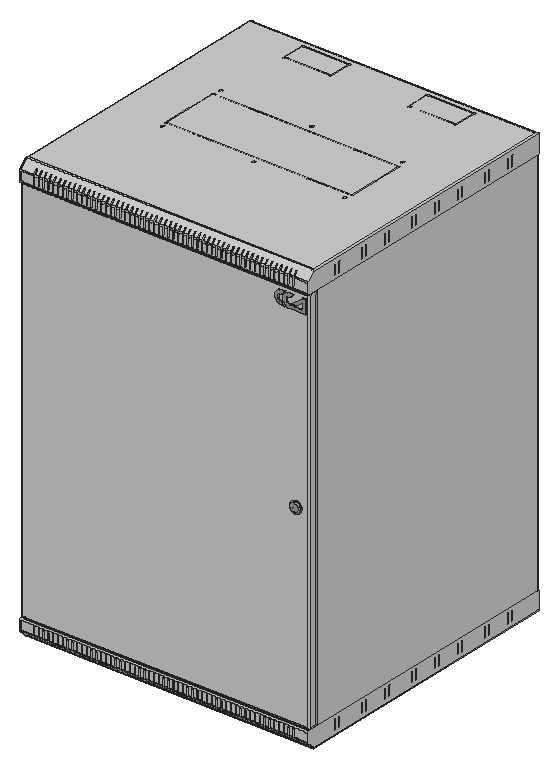
Revit family "Шкаф телекоммуникационный настенный сварной 19” 600х600", category Обобщенные модели, Revit 2019
Family settings
  Может служить основой для арматурных стержней = Нет
  Размер круглого соединителя = Использовать диаметр
  Тип детали = Нормальный
  На основе рабочей плоскости = Нет
  Всегда вертикально = Да
  При загрузке вырезать с полостями = Нет
  Общий = Нет
  Точка расчета площади = Нет
Parameters (values of type "ШТ-НСс 18U (600х600мм) металлическая дверь")
  Дверь = Дверь_М : Дверь_М
  Высота_двери = ADSK_Размер_Высота - 80 mm  # 813 mm
  ADSK_Этаж [instance] = ""
  ADSK_Размер_Ширина = 600 mm  # constant formula
  ADSK_Размер_Глубина = 600 mm  # constant formula
  ADSK_Размер_Высота = 893 mm
  ADSK_Примечание [instance] = ""
  ADSK_Предел огнестойкости = ""
  ADSK_Позиция [instance] = ""
  ADSK_Обозначение = "ШТ-НСс 18U (600х600мм) металлическая дверь"
  ADSK_Наименование = "Шкаф телекоммуникационный настенный сварной 19”,18U(600x600), ШТ-НСс-18U-600-600-М дверь металл ССД"
  ADSK_Материал обозначение = "Серый RAL 7035"  # constant formula
  ADSK_Масса_Текст = "31,1"
  ADSK_Марка [instance] = "ШТ-НСс 18U (600х600мм) металлическая дверь"
  ADSK_Код изделия = "130411-00766"
  ADSK_Зона = ""
  ADSK_Завод-изготовитель = "АО СВЯЗЬСТРОЙДЕТАЛЬ"  # constant formula
  ADSK_Единица измерения = "шт"  # constant formula
  ADSK_URL страницы изделия = "https://www.ssd.ru/shkaf-telekommunikatsionnyy-nastennyy-svarnoy-19-18u-600x600-sht-nss-18u-600-600-m-dver-metall"
  ADSK_URL документации изделия = "https://www.ssd.ru/upload/iblock/702/fbps99x9t5k7rvodinq4s9cgysybksc9/sert_sht_np.pdf"
Reference planes
  plane 1 "По центру (Вперед/Назад)": y = 0
  plane 2: z = 0
  plane 3 "По центру (Влево/Вправо)": x = 0
  plane 4: y = 300
  plane 5: y = -300
  plane 6: x = -300
  plane 7: x = 300
  plane 8: z = 446.5
  plane 9: z = -446.5
  plane 10: z = 406.5
  plane 11: z = -406.5
Forms (mm)
  Extrusion 1, solid, material "RAL 7035", detail levels medium+fine
    sketch origin (0, 174.994, 41.996) x (0, 1, 0) y (-1, 0, 0)
      loop
        arc (121.991, 299) -> (123.41, 298.412) -> (123.998, 296.993) r 2.007
        line (123.998, 296.993) -> (123.998, 251.293)
        arc (123.998, 251.293) -> (124.499, 250.792) -> (125, 251.293) r 0.501
        line (125, 251.293) -> (125, 296.993)
        arc (125, 296.993) -> (124.119, 299.119) -> (121.993, 300) r 3.007
        line (121.993, 300) -> (-450.506, 300)
        arc (-450.506, 300) -> (-451, 299.506) -> (-450.506, 299.013) r 0.494
        line (-450.506, 299.013) -> (121.94, 299.013)
      loop
        arc (121.993, -300) -> (124.119, -299.119) -> (125, -296.993) r 3.007
        line (125, -296.993) -> (125, -251.293)
        arc (125, -251.293) -> (124.499, -250.792) -> (123.998, -251.293) r 0.501
        line (123.998, -251.293) -> (123.998, -296.993)
        arc (123.998, -296.993) -> (123.41, -298.412) -> (121.991, -299) r 2.007
        line (121.991, -299) -> (-450.5, -299)
        arc (-450.5, -299) -> (-451, -299.5) -> (-450.5, -300) r 0.5
        line (-450.5, -300) -> (121.993, -300)
    from -448.496 to 364.504
  Extrusion 2, void, detail levels fine
    sketch origin (3.917, 0, 285.311) x (1, 0, 0) y (0, 0, 1)
      loop
        line (273.229, 77.108) -> (273.229, 81.669)
        arc (273.229, 81.669) -> (268.229, 86.669) -> (263.229, 81.669) r 5
        line (263.229, 81.669) -> (263.229, 77.09)
        arc (263.229, 77.09) -> (260.241, 70.854) -> (263.229, 64.618) r 8
        line (263.229, 64.618) -> (263.229, 60.039)
        arc (263.229, 60.039) -> (268.229, 55.039) -> (273.229, 60.039) r 5
        line (273.229, 60.039) -> (273.229, 64.6)
        arc (273.229, 64.6) -> (276.241, 70.854) -> (273.229, 77.108) r 8
    from -299 to -300
  Extrusion 3, void, detail levels fine
    sketch origin (-3.917, 0, 285.311) x (-1, 0, 0) y (0, 0, -1)
      loop
        arc (273.229, -77.108) -> (276.241, -70.854) -> (273.229, -64.6) r 8
        line (273.229, -64.6) -> (273.229, -60.039)
        arc (273.229, -60.039) -> (268.229, -55.039) -> (263.229, -60.039) r 5
        line (263.229, -60.039) -> (263.229, -64.618)
        arc (263.229, -64.618) -> (260.241, -70.854) -> (263.229, -77.09) r 8
        line (263.229, -77.09) -> (263.229, -81.669)
        arc (263.229, -81.669) -> (268.229, -86.669) -> (273.229, -81.669) r 5
        line (273.229, -81.669) -> (273.229, -77.108)
    from -299 to -300
  Extrusion 4, void, detail levels fine
    sketch origin (3.917, 0, -285.311) x (1, 0, 0) y (0, 0, 1)
      loop
        arc (273.229, -77.108) -> (276.241, -70.854) -> (273.229, -64.6) r 8
        line (273.229, -64.6) -> (273.229, -60.039)
        arc (273.229, -60.039) -> (268.229, -55.039) -> (263.229, -60.039) r 5
        line (263.229, -60.039) -> (263.229, -64.618)
        arc (263.229, -64.618) -> (260.241, -70.854) -> (263.229, -77.09) r 8
        line (263.229, -77.09) -> (263.229, -81.669)
        arc (263.229, -81.669) -> (268.229, -86.669) -> (273.229, -81.669) r 5
        line (273.229, -81.669) -> (273.229, -77.108)
    from -299 to -300
  Extrusion 5, void, detail levels fine
    sketch origin (-3.917, 0, -285.311) x (-1, 0, 0) y (0, 0, -1)
      loop
        line (273.229, 77.108) -> (273.229, 81.669)
        arc (273.229, 81.669) -> (268.229, 86.669) -> (263.229, 81.669) r 5
        line (263.229, 81.669) -> (263.229, 77.09)
        arc (263.229, 77.09) -> (260.241, 70.854) -> (263.229, 64.618) r 8
        line (263.229, 64.618) -> (263.229, 60.039)
        arc (263.229, 60.039) -> (268.229, 55.039) -> (273.229, 60.039) r 5
        line (273.229, 60.039) -> (273.229, 64.6)
        arc (273.229, 64.6) -> (276.241, 70.854) -> (273.229, 77.108) r 8
    from -299 to -300
  Extrusion 6, void, not visible, detail levels fine
    sketch origin (3.917, 25, 13.811) x (1, 0, 0) y (0, 0, 1)
      loop
        line (273.229, 77.108) -> (273.229, 81.669)
        arc (273.229, 81.669) -> (268.229, 86.669) -> (263.229, 81.669) r 5
        line (263.229, 81.669) -> (263.229, 77.09)
        arc (263.229, 77.09) -> (260.241, 70.854) -> (263.229, 64.618) r 8
        line (263.229, 64.618) -> (263.229, 60.039)
        arc (263.229, 60.039) -> (268.229, 55.039) -> (273.229, 60.039) r 5
        line (273.229, 60.039) -> (273.229, 64.6)
        arc (273.229, 64.6) -> (276.241, 70.854) -> (273.229, 77.108) r 8
    from -299 to -300
  Extrusion 7, void, not visible, detail levels fine
    sketch origin (-3.917, 25, 13.811) x (-1, 0, 0) y (0, 0, -1)
      loop
        arc (273.229, -77.108) -> (276.241, -70.854) -> (273.229, -64.6) r 8
        line (273.229, -64.6) -> (273.229, -60.039)
        arc (273.229, -60.039) -> (268.229, -55.039) -> (263.229, -60.039) r 5
        line (263.229, -60.039) -> (263.229, -64.618)
        arc (263.229, -64.618) -> (260.241, -70.854) -> (263.229, -77.09) r 8
        line (263.229, -77.09) -> (263.229, -81.669)
        arc (263.229, -81.669) -> (268.229, -86.669) -> (273.229, -81.669) r 5
        line (273.229, -81.669) -> (273.229, -77.108)
    from -299 to -300
  Extrusion 8, void, not visible, detail levels fine
    sketch origin (3.917, 0, -13.811) x (1, 0, 0) y (0, 0, 1)
      loop
        arc (273.229, -77.108) -> (276.241, -70.854) -> (273.229, -64.6) r 8
        line (273.229, -64.6) -> (273.229, -60.039)
        arc (273.229, -60.039) -> (268.229, -55.039) -> (263.229, -60.039) r 5
        line (263.229, -60.039) -> (263.229, -64.618)
        arc (263.229, -64.618) -> (260.241, -70.854) -> (263.229, -77.09) r 8
        line (263.229, -77.09) -> (263.229, -81.669)
        arc (263.229, -81.669) -> (268.229, -86.669) -> (273.229, -81.669) r 5
        line (273.229, -81.669) -> (273.229, -77.108)
    from -299 to -300
  Extrusion 9, void, not visible, detail levels fine
    sketch origin (-3.917, 0, -13.811) x (-1, 0, 0) y (0, 0, -1)
      loop
        line (273.229, 77.108) -> (273.229, 81.669)
        arc (273.229, 81.669) -> (268.229, 86.669) -> (263.229, 81.669) r 5
        line (263.229, 81.669) -> (263.229, 77.09)
        arc (263.229, 77.09) -> (260.241, 70.854) -> (263.229, 64.618) r 8
        line (263.229, 64.618) -> (263.229, 60.039)
        arc (263.229, 60.039) -> (268.229, 55.039) -> (273.229, 60.039) r 5
        line (273.229, 60.039) -> (273.229, 64.6)
        arc (273.229, 64.6) -> (276.241, 70.854) -> (273.229, 77.108) r 8
    from -299 to -300
  Extrusion 10, solid, material "RAL 7035", detail levels coarse
    sketch origin (0, 0, 0) x (1, 0, 0) y (0, 0, 1)
      loop
        line (-300, -446.5) -> (300, -446.5) -> (300, 446.5) -> (-300, 446.5) -> (-300, -446.5)
    from -300 to 300
Cuts and joins
  Extrusion 2, Extrusion 3, Extrusion 4, Extrusion 5 cuts Extrusion 1
Lines and regions (mm)
  reference lines
    curve 1: line (280.158, 0, 356.165) -> (264.158, 0, 356.165)
    curve 3: line (280.158, 0, -356.165) -> (264.158, 0, -356.165)
    curve 5: line (280.158, 0, 0) -> (264.158, 0, 0)
  reference lines, not visible
    curve 2: line (280.158, 25, 84.665) -> (264.158, 25, 84.665)
    curve 4: line (280.158, 0, -84.665) -> (264.158, 0, -84.665)
Dimensions and locks
  "ADSK_Размер_Высота": plane 8 to plane 9
  equal spacing: plane 8, level, plane 9
  equal spacing: plane 7, plane 3 "По центру (Влево/Вправо)", plane 6
  "ADSK_Размер_Ширина": plane 7 to plane 6
  equal spacing: plane 4, plane 1 "По центру (Вперед/Назад)", plane 5
  "ADSK_Размер_Глубина": plane 4 to plane 5
  level to Extrusion 1 = 406.5 mm
  locked: plane 10 to plane 8 at 40
  locked: plane 9 to plane 11 at 40
  locked: curve 1 to plane 10 at 50.335
  locked: plane 11 to curve 3 at 50.335
  locked: nested 4 to plane 8 at 79.54
  aligned and locked: level to plane 2
  aligned and locked: Extrusion 1 to plane 6
  aligned and locked: plane 7 to Extrusion 1
  aligned and locked: plane 10 to Extrusion 1
  aligned and locked: Extrusion 1 to plane 11
  aligned and locked: Extrusion 10 to plane 6
  aligned and locked: Extrusion 10 to plane 7
  aligned and locked: Extrusion 10 to plane 9
  aligned and locked: plane 8 to Extrusion 10
  aligned and locked: Extrusion 10 to plane 4
  aligned and locked: Extrusion 10 to plane 5
Automatic sketch dimensions
  Extrusion 2 sketch curve to Extrusion 2 sketch curve = 0 mm  (x5)
  Extrusion 2 sketch curve to Extrusion 2 sketch curve = 5 mm  (x2)
  Extrusion 2 sketch curve to Extrusion 2 sketch curve = 4.988 mm
  Extrusion 2 sketch curve to Extrusion 2 sketch curve = 4.56 mm  (x2)
  Extrusion 2 sketch curve to Extrusion 2 sketch curve = 4.579 mm
  Extrusion 2 sketch curve to Extrusion 2 sketch curve = 6.254 mm
  Extrusion 3 sketch curve to Extrusion 3 sketch curve = 0 mm  (x5)
  Extrusion 3 sketch curve to Extrusion 3 sketch curve = 5 mm  (x2)
  Extrusion 3 sketch curve to Extrusion 3 sketch curve = 4.988 mm
  Extrusion 3 sketch curve to Extrusion 3 sketch curve = 4.56 mm  (x2)
  Extrusion 3 sketch curve to Extrusion 3 sketch curve = 4.579 mm
  Extrusion 3 sketch curve to Extrusion 3 sketch curve = 6.254 mm
  Extrusion 4 sketch curve to Extrusion 4 sketch curve = 0 mm  (x5)
  Extrusion 4 sketch curve to Extrusion 4 sketch curve = 5 mm  (x2)
  Extrusion 4 sketch curve to Extrusion 4 sketch curve = 4.988 mm
  Extrusion 4 sketch curve to Extrusion 4 sketch curve = 4.56 mm  (x2)
  Extrusion 4 sketch curve to Extrusion 4 sketch curve = 4.579 mm
  Extrusion 4 sketch curve to Extrusion 4 sketch curve = 6.254 mm
  Extrusion 5 sketch curve to Extrusion 5 sketch curve = 0 mm  (x5)
  Extrusion 5 sketch curve to Extrusion 5 sketch curve = 5 mm  (x2)
  Extrusion 5 sketch curve to Extrusion 5 sketch curve = 4.988 mm
  Extrusion 5 sketch curve to Extrusion 5 sketch curve = 4.56 mm  (x2)
  Extrusion 5 sketch curve to Extrusion 5 sketch curve = 4.579 mm
  Extrusion 5 sketch curve to Extrusion 5 sketch curve = 6.254 mm
  Extrusion 6 sketch curve to Extrusion 6 sketch curve = 0 mm  (x5)
  Extrusion 6 sketch curve to Extrusion 6 sketch curve = 5 mm  (x2)
  Extrusion 6 sketch curve to Extrusion 6 sketch curve = 4.988 mm
  Extrusion 6 sketch curve to Extrusion 6 sketch curve = 4.56 mm  (x2)
  Extrusion 6 sketch curve to Extrusion 6 sketch curve = 4.579 mm
  Extrusion 6 sketch curve to Extrusion 6 sketch curve = 6.254 mm
  Extrusion 7 sketch curve to Extrusion 7 sketch curve = 0 mm  (x5)
  Extrusion 7 sketch curve to Extrusion 7 sketch curve = 5 mm  (x2)
  Extrusion 7 sketch curve to Extrusion 7 sketch curve = 4.988 mm
  Extrusion 7 sketch curve to Extrusion 7 sketch curve = 4.56 mm  (x2)
  Extrusion 7 sketch curve to Extrusion 7 sketch curve = 4.579 mm
  Extrusion 7 sketch curve to Extrusion 7 sketch curve = 6.254 mm
  Extrusion 8 sketch curve to Extrusion 8 sketch curve = 0 mm  (x5)
  Extrusion 8 sketch curve to Extrusion 8 sketch curve = 5 mm  (x2)
  Extrusion 8 sketch curve to Extrusion 8 sketch curve = 4.988 mm
  Extrusion 8 sketch curve to Extrusion 8 sketch curve = 4.56 mm  (x2)
  Extrusion 8 sketch curve to Extrusion 8 sketch curve = 4.579 mm
  Extrusion 8 sketch curve to Extrusion 8 sketch curve = 6.254 mm
  Extrusion 9 sketch curve to Extrusion 9 sketch curve = 0 mm  (x5)
  Extrusion 9 sketch curve to Extrusion 9 sketch curve = 5 mm  (x2)
  Extrusion 9 sketch curve to Extrusion 9 sketch curve = 4.988 mm
  Extrusion 9 sketch curve to Extrusion 9 sketch curve = 4.56 mm  (x2)
  Extrusion 9 sketch curve to Extrusion 9 sketch curve = 4.579 mm
  Extrusion 9 sketch curve to Extrusion 9 sketch curve = 6.254 mm
  curve 5 to level = 0 mm
  curve 5 to plane 7 = 35.842 mm
  curve 5 to curve 5 = 16 mm
  Extrusion 1 sketch curve to plane 6 = 0 mm
  Extrusion 1 sketch curve to plane 7 = 0 mm
  Extrusion 1 sketch curve to plane 5 = 24.488 mm
  Extrusion 1 sketch curve to plane 7 = 1 mm
  Extrusion 1 sketch curve to plane 5 = 24.494 mm
  plane 4 to Extrusion 1 sketch curve = 3.014 mm  (x2)
  Extrusion 1 sketch curve to Extrusion 1 sketch curve = 0.002 mm  (x2)
  plane 4 to Extrusion 1 sketch curve = 1.008 mm  (x2)
  Extrusion 1 sketch curve to Extrusion 1 sketch curve = 0.501 mm  (x2)
  Extrusion 1 sketch curve to Extrusion 1 sketch curve = 45.7 mm  (x2)
  Extrusion 1 sketch curve to Extrusion 1 sketch curve = 0 mm
  Extrusion 1 sketch curve to Extrusion 1 sketch curve = 0.987 mm
  Extrusion 1 sketch curve to Extrusion 1 sketch curve = 0.052 mm
  Extrusion 10 sketch curve to plane 6 = 0 mm
  Extrusion 10 sketch curve to plane 7 = 0 mm
  Extrusion 10 sketch curve to plane 9 = 0 mm
  Extrusion 10 sketch curve to plane 8 = 0 mm
Nested families
  nested 1: "Крышка 600" at (0, 299.994, 196.5) x (-1, 0, 0) z (0, -1, 0), type "Крышка 600", detail levels medium+fine
  nested 2: "Крышка 600" at (0, 299.994, -196.5) x (-1, 0, 0) z (0, -1, 0), type "Крышка 600", detail levels medium+fine
  nested 3: "Дверь_М" at (0, -276.141, 0), ADSK_Размер_Высота <- "Высота_двери", type <- "Дверь", type "Дверь_М", detail levels medium+fine
    with ADSK_Размер_Высота 813 mm
  nested 4: "Логотип" at (-20, -296.377, -163.835) x (1, 0, 0) z (0, -1, 0), type "Логотип"
Definition of nested family "Крышка 600"
  Parameters (values of type "Крышка 600")
    Default Elevation = 0 mm
    ADSK_Размер_Ширина = 600 mm
    ADSK_Размер_Глубина = 600 mm
    ADSK_Материал = none
  Reference planes
    plane 1 "По центру (Вперед/Назад)": y = 0
    plane 2: z = 0
    plane 3 "По центру (Влево/Вправо)": x = 0
    plane 4: x = 300
    plane 5: x = -300
    plane 6: y = 250
    plane 7: y = -250
    plane 8: z = 600
  Forms (mm)
    Extrusion 1, solid
      sketch origin (0, 0, 0) x (1, 0, 0) y (0, 1, 0)
        loop
          line (-1219.2, 1219.2) -> (-1219.2, -1219.2) -> (1219.2, -1219.2) -> (1219.2, 1219.2) -> (-1219.2, 1219.2)
      from 0 to -304.8
    Extrusion 2, solid, material <- "ADSK_Материал", detail levels medium+fine
      sketch origin (0, 310.254, -563.001) x (0, 1, 0) y (0, 0, 1)
        loop
          arc (-60.254, 1144.781) -> (-60.483, 1145.929) -> (-61.133, 1146.903) r 3
          line (-61.133, 1146.903) -> (-76.353, 1162.122)
          arc (-76.353, 1162.122) -> (-77.326, 1162.773) -> (-78.474, 1163.001) r 3
          line (-78.474, 1163.001) -> (-97.254, 1163.001)
          arc (-97.254, 1163.001) -> (-99.376, 1162.122) -> (-100.254, 1160.001) r 3
          line (-100.254, 1160.001) -> (-100.254, 566.001)
          arc (-100.254, 566.001) -> (-99.376, 563.88) -> (-97.254, 563.001) r 3
          line (-97.254, 563.001) -> (-63.254, 563.001)
          arc (-63.254, 563.001) -> (-61.133, 563.88) -> (-60.254, 566.001) r 3
          line (-60.254, 566.001) -> (-60.254, 1144.781)
      from -300 to 300
    Extrusion 3, void, detail levels medium+fine
      sketch origin (0, 0, 0) x (1, 0, 0) y (0, 1, 0)
        loop
          arc (-300, 246.971) -> (-299.113, 249.113) -> (-296.971, 250) r 3.029
          line (-296.971, 250) -> (-300, 250) -> (-300, 246.971)
      from 0 to 600 <- "ADSK_Размер_Глубина"
    Extrusion 4, void, detail levels medium+fine
      sketch origin (0, 0, 0) x (-1, 0, 0) y (0, -1, 0)
        loop
          line (-300, -246.971) -> (-300, -250) -> (-296.971, -250)
          arc (-296.971, -250) -> (-299.113, -249.113) -> (-300, -246.971) r 3.029
      from 0 to 600 <- "ADSK_Размер_Глубина"
    Extrusion 5, void, detail levels fine
      sketch origin (0, 0, -294.506) x (0, 1, 0) y (0, 0, 1)
        loop
          line (238.196, 326.499) -> (216.196, 326.499)
          arc (216.196, 326.499) -> (214.449, 324.752) -> (216.196, 323.006) r 1.747
          line (216.196, 323.006) -> (238.196, 323.006)
          arc (238.196, 323.006) -> (239.942, 324.752) -> (238.196, 326.499) r 1.747
      from 299 to 300
    Extrusion 6, void, detail levels fine
      sketch origin (0, 0, 0) x (1, 0, 0) y (0, 0, 1)
        loop
          line (-101, 230) -> (-101, 232) -> (-193, 232) -> (-193, 290) -> (-195, 290) -> (-195, 230) -> (-101, 230)
        loop
          line (-100, 230) -> (100, 230) -> (100, 232) -> (-100, 232) -> (-100, 230)
        loop
          line (101, 230) -> (195, 230) -> (195, 290) -> (193, 290) -> (193, 232) -> (101, 232) -> (101, 230)
        loop
          line (-101, 354) -> (-195, 354) -> (-195, 292) -> (-193, 292) -> (-193, 352) -> (-101, 352) -> (-101, 354)
        loop
          line (-100, 354) -> (-100, 352) -> (100, 352) -> (100, 354) -> (-100, 354)
        loop
          line (101, 354) -> (101, 352) -> (193, 352) -> (193, 292) -> (195, 292) -> (195, 354) -> (101, 354)
        loop
          circle (189.7, 366.5) r 3.3
        loop
          circle (0, 366.5) r 3.3
        loop
          circle (-189.7, 366.5) r 3.3
        loop
          line (83, 65) -> (83, 63) -> (177, 63) -> (177, 65) -> (83, 65)
        loop
          line (178, 65) -> (178, 15) -> (180, 15) -> (180, 65) -> (178, 65)
        loop
          line (83, 15) -> (177, 15) -> (177, 17) -> (83, 17) -> (83, 15)
        loop
          line (82, 65) -> (80, 65) -> (80, 15) -> (82, 15) -> (82, 65)
        loop
          line (-83, 65) -> (-177, 65) -> (-177, 63) -> (-83, 63) -> (-83, 65)
        loop
          line (-178, 65) -> (-180, 65) -> (-180, 15) -> (-178, 15) -> (-178, 65)
        loop
          line (-83, 15) -> (-83, 17) -> (-177, 17) -> (-177, 15) -> (-83, 15)
        loop
          line (-82, 65) -> (-82, 15) -> (-80, 15) -> (-80, 65) -> (-82, 65)
        loop
          circle (189.7, 215.5) r 3.3
        loop
          circle (0, 215.5) r 3.3
        loop
          circle (-189.7, 215.5) r 3.3
      from -250 to -210
    Extrusion 7, void, detail levels fine
      sketch origin (0, 0, 0) x (0, 1, 0) y (0, 0, 1)
        loop
          arc (213.847, 599.125) -> (211.726, 598.247) -> (210.847, 596.125) r 3
          line (210.847, 596.125) -> (210, 596.125) -> (210, 3.911) -> (210.847, 3.911)
          arc (210.847, 3.911) -> (211.726, 1.79) -> (213.847, 0.911) r 3
          line (213.847, 0.911) -> (246, 0.911)
          arc (246, 0.911) -> (248.121, 1.79) -> (249, 3.911) r 3
          line (249, 3.911) -> (249, 581.785)
          arc (249, 581.785) -> (248.772, 582.932) -> (248.122, 583.904) r 2.997
          line (248.122, 583.904) -> (233.78, 598.247)
          arc (233.78, 598.247) -> (232.807, 598.897) -> (231.659, 599.125) r 3
          line (231.659, 599.125) -> (213.847, 599.125)
      from -299 to 299
    Extrusion 8, void, detail levels fine
      sketch origin (0, 0, -284.506) x (0, 1, 0) y (0, 0, 1)
        loop
          line (238.196, 326.499) -> (216.196, 326.499)
          arc (216.196, 326.499) -> (214.449, 324.752) -> (216.196, 323.006) r 1.747
          line (216.196, 323.006) -> (238.196, 323.006)
          arc (238.196, 323.006) -> (239.942, 324.752) -> (238.196, 326.499) r 1.747
      from 299 to 300
    Extrusion 9, void, detail levels fine
      sketch origin (0, 0, -274.506) x (0, 1, 0) y (0, 0, 1)
        loop
          line (238.196, 326.499) -> (216.196, 326.499)
          arc (216.196, 326.499) -> (214.449, 324.752) -> (216.196, 323.006) r 1.747
          line (216.196, 323.006) -> (238.196, 323.006)
          arc (238.196, 323.006) -> (239.942, 324.752) -> (238.196, 326.499) r 1.747
      from 299 to 300
    Extrusion 10, void, detail levels fine
      sketch origin (0, 0, -264.506) x (0, 1, 0) y (0, 0, 1)
        loop
          line (238.196, 326.499) -> (216.196, 326.499)
          arc (216.196, 326.499) -> (214.449, 324.752) -> (216.196, 323.006) r 1.747
          line (216.196, 323.006) -> (238.196, 323.006)
          arc (238.196, 323.006) -> (239.942, 324.752) -> (238.196, 326.499) r 1.747
      from 299 to 300
    Extrusion 11, void, detail levels fine
      sketch origin (0, 0, -254.506) x (0, 1, 0) y (0, 0, 1)
        loop
          line (238.196, 326.499) -> (216.196, 326.499)
          arc (216.196, 326.499) -> (214.449, 324.752) -> (216.196, 323.006) r 1.747
          line (216.196, 323.006) -> (238.196, 323.006)
          arc (238.196, 323.006) -> (239.942, 324.752) -> (238.196, 326.499) r 1.747
      from 299 to 300
    Extrusion 12, void, detail levels fine
      sketch origin (0, 0, -244.506) x (0, 1, 0) y (0, 0, 1)
        loop
          line (238.196, 326.499) -> (216.196, 326.499)
          arc (216.196, 326.499) -> (214.449, 324.752) -> (216.196, 323.006) r 1.747
          line (216.196, 323.006) -> (238.196, 323.006)
          arc (238.196, 323.006) -> (239.942, 324.752) -> (238.196, 326.499) r 1.747
      from 299 to 300
    Extrusion 13, void, detail levels fine
      sketch origin (0, 0, -234.506) x (0, 1, 0) y (0, 0, 1)
        loop
          line (238.196, 326.499) -> (216.196, 326.499)
          arc (216.196, 326.499) -> (214.449, 324.752) -> (216.196, 323.006) r 1.747
          line (216.196, 323.006) -> (238.196, 323.006)
          arc (238.196, 323.006) -> (239.942, 324.752) -> (238.196, 326.499) r 1.747
      from 299 to 300
    Extrusion 14, void, detail levels fine
      sketch origin (0, 0, -224.506) x (0, 1, 0) y (0, 0, 1)
        loop
          line (238.196, 326.499) -> (216.196, 326.499)
          arc (216.196, 326.499) -> (214.449, 324.752) -> (216.196, 323.006) r 1.747
          line (216.196, 323.006) -> (238.196, 323.006)
          arc (238.196, 323.006) -> (239.942, 324.752) -> (238.196, 326.499) r 1.747
      from 299 to 300
    Extrusion 15, void, detail levels fine
      sketch origin (0, 0, -214.506) x (0, 1, 0) y (0, 0, 1)
        loop
          line (238.196, 326.499) -> (216.196, 326.499)
          arc (216.196, 326.499) -> (214.449, 324.752) -> (216.196, 323.006) r 1.747
          line (216.196, 323.006) -> (238.196, 323.006)
          arc (238.196, 323.006) -> (239.942, 324.752) -> (238.196, 326.499) r 1.747
      from 299 to 300
    Extrusion 16, void, detail levels fine
      sketch origin (0, 0, -204.506) x (0, 1, 0) y (0, 0, 1)
        loop
          line (238.196, 326.499) -> (216.196, 326.499)
          arc (216.196, 326.499) -> (214.449, 324.752) -> (216.196, 323.006) r 1.747
          line (216.196, 323.006) -> (238.196, 323.006)
          arc (238.196, 323.006) -> (239.942, 324.752) -> (238.196, 326.499) r 1.747
      from 299 to 300
    Extrusion 17, void, detail levels fine
      sketch origin (0, 0, -194.506) x (0, 1, 0) y (0, 0, 1)
        loop
          line (238.196, 326.499) -> (216.196, 326.499)
          arc (216.196, 326.499) -> (214.449, 324.752) -> (216.196, 323.006) r 1.747
          line (216.196, 323.006) -> (238.196, 323.006)
          arc (238.196, 323.006) -> (239.942, 324.752) -> (238.196, 326.499) r 1.747
      from 299 to 300
    Extrusion 18, void, detail levels fine
      sketch origin (0, 0, -184.506) x (0, 1, 0) y (0, 0, 1)
        loop
          line (238.196, 326.499) -> (216.196, 326.499)
          arc (216.196, 326.499) -> (214.449, 324.752) -> (216.196, 323.006) r 1.747
          line (216.196, 323.006) -> (238.196, 323.006)
          arc (238.196, 323.006) -> (239.942, 324.752) -> (238.196, 326.499) r 1.747
      from 299 to 300
    Extrusion 19, void, detail levels fine
      sketch origin (0, 0, -174.506) x (0, 1, 0) y (0, 0, 1)
        loop
          line (238.196, 326.499) -> (216.196, 326.499)
          arc (216.196, 326.499) -> (214.449, 324.752) -> (216.196, 323.006) r 1.747
          line (216.196, 323.006) -> (238.196, 323.006)
          arc (238.196, 323.006) -> (239.942, 324.752) -> (238.196, 326.499) r 1.747
      from 299 to 300
    Extrusion 20, void, detail levels fine
      sketch origin (0, 0, -164.506) x (0, 1, 0) y (0, 0, 1)
        loop
          line (238.196, 626.499) -> (216.196, 626.499)
          arc (216.196, 626.499) -> (214.449, 624.752) -> (216.196, 623.006) r 1.747
          line (216.196, 623.006) -> (238.196, 623.006)
          arc (238.196, 623.006) -> (239.942, 624.752) -> (238.196, 626.499) r 1.747
      from 299 to 300
    Extrusion 21, void, detail levels fine
      sketch origin (0, 0, -154.506) x (0, 1, 0) y (0, 0, 1)
        loop
          line (238.196, 626.499) -> (216.196, 626.499)
          arc (216.196, 626.499) -> (214.449, 624.752) -> (216.196, 623.006) r 1.747
          line (216.196, 623.006) -> (238.196, 623.006)
          arc (238.196, 623.006) -> (239.942, 624.752) -> (238.196, 626.499) r 1.747
      from 299 to 300
    Extrusion 22, void, detail levels fine
      sketch origin (0, 0, -94.506) x (0, 1, 0) y (0, 0, 1)
        loop
          line (238.196, 576.499) -> (216.196, 576.499)
          arc (216.196, 576.499) -> (214.449, 574.752) -> (216.196, 573.006) r 1.747
          line (216.196, 573.006) -> (238.196, 573.006)
          arc (238.196, 573.006) -> (239.942, 574.752) -> (238.196, 576.499) r 1.747
      from 299 to 300
    Extrusion 23, void, detail levels fine
      sketch origin (0, 0, -84.506) x (0, 1, 0) y (0, 0, 1)
        loop
          line (238.196, 576.499) -> (216.196, 576.499)
          arc (216.196, 576.499) -> (214.449, 574.752) -> (216.196, 573.006) r 1.747
          line (216.196, 573.006) -> (238.196, 573.006)
          arc (238.196, 573.006) -> (239.942, 574.752) -> (238.196, 576.499) r 1.747
      from 299 to 300
    Extrusion 24, void, detail levels fine
      sketch origin (0, 0, -74.506) x (0, 1, 0) y (0, 0, 1)
        loop
          line (238.196, 576.499) -> (216.196, 576.499)
          arc (216.196, 576.499) -> (214.449, 574.752) -> (216.196, 573.006) r 1.747
          line (216.196, 573.006) -> (238.196, 573.006)
          arc (238.196, 573.006) -> (239.942, 574.752) -> (238.196, 576.499) r 1.747
      from 299 to 300
    Extrusion 25, void, detail levels fine
      sketch origin (0, 0, -64.506) x (0, 1, 0) y (0, 0, 1)
        loop
          line (238.196, 576.499) -> (216.196, 576.499)
          arc (216.196, 576.499) -> (214.449, 574.752) -> (216.196, 573.006) r 1.747
          line (216.196, 573.006) -> (238.196, 573.006)
          arc (238.196, 573.006) -> (239.942, 574.752) -> (238.196, 576.499) r 1.747
      from 299 to 300
    Extrusion 26, void, detail levels fine
      sketch origin (0, 0, -54.506) x (0, 1, 0) y (0, 0, 1)
        loop
          line (238.196, 576.499) -> (216.196, 576.499)
          arc (216.196, 576.499) -> (214.449, 574.752) -> (216.196, 573.006) r 1.747
          line (216.196, 573.006) -> (238.196, 573.006)
          arc (238.196, 573.006) -> (239.942, 574.752) -> (238.196, 576.499) r 1.747
      from 299 to 300
    Extrusion 27, void, detail levels fine
      sketch origin (0, 0, -94.506) x (0, 1, 0) y (0, 0, -1)
        loop
          arc (238.196, -576.499) -> (239.942, -574.752) -> (238.196, -573.006) r 1.747
          line (238.196, -573.006) -> (216.196, -573.006)
          arc (216.196, -573.006) -> (214.449, -574.752) -> (216.196, -576.499) r 1.747
          line (216.196, -576.499) -> (238.196, -576.499)
      from 299 to 300
    Extrusion 28, void, detail levels fine
      sketch origin (0, 0, -84.506) x (0, 1, 0) y (0, 0, -1)
        loop
          arc (238.196, -576.499) -> (239.942, -574.752) -> (238.196, -573.006) r 1.747
          line (238.196, -573.006) -> (216.196, -573.006)
          arc (216.196, -573.006) -> (214.449, -574.752) -> (216.196, -576.499) r 1.747
          line (216.196, -576.499) -> (238.196, -576.499)
      from 299 to 300
    Extrusion 29, void, detail levels fine
      sketch origin (0, 0, -74.506) x (0, 1, 0) y (0, 0, -1)
        loop
          arc (238.196, -576.499) -> (239.942, -574.752) -> (238.196, -573.006) r 1.747
          line (238.196, -573.006) -> (216.196, -573.006)
          arc (216.196, -573.006) -> (214.449, -574.752) -> (216.196, -576.499) r 1.747
          line (216.196, -576.499) -> (238.196, -576.499)
      from 299 to 300
    Extrusion 30, void, detail levels fine
      sketch origin (0, 0, -64.506) x (0, 1, 0) y (0, 0, -1)
        loop
          arc (238.196, -576.499) -> (239.942, -574.752) -> (238.196, -573.006) r 1.747
          line (238.196, -573.006) -> (216.196, -573.006)
          arc (216.196, -573.006) -> (214.449, -574.752) -> (216.196, -576.499) r 1.747
          line (216.196, -576.499) -> (238.196, -576.499)
      from 299 to 300
    Extrusion 31, void, detail levels fine
      sketch origin (0, 0, -54.506) x (0, 1, 0) y (0, 0, -1)
        loop
          arc (238.196, -576.499) -> (239.942, -574.752) -> (238.196, -573.006) r 1.747
          line (238.196, -573.006) -> (216.196, -573.006)
          arc (216.196, -573.006) -> (214.449, -574.752) -> (216.196, -576.499) r 1.747
          line (216.196, -576.499) -> (238.196, -576.499)
      from 299 to 300
    Extrusion 32, void, detail levels fine
      sketch origin (0, 0, -144.506) x (0, 1, 0) y (0, 0, -1)
        loop
          arc (238.196, -276.499) -> (239.942, -274.752) -> (238.196, -273.006) r 1.747
          line (238.196, -273.006) -> (216.196, -273.006)
          arc (216.196, -273.006) -> (214.449, -274.752) -> (216.196, -276.499) r 1.747
          line (216.196, -276.499) -> (238.196, -276.499)
      from 299 to 300
    Extrusion 33, void, detail levels fine
      sketch origin (0, 0, -134.506) x (0, 1, 0) y (0, 0, -1)
        loop
          arc (238.196, -276.499) -> (239.942, -274.752) -> (238.196, -273.006) r 1.747
          line (238.196, -273.006) -> (216.196, -273.006)
          arc (216.196, -273.006) -> (214.449, -274.752) -> (216.196, -276.499) r 1.747
          line (216.196, -276.499) -> (238.196, -276.499)
      from 299 to 300
    Extrusion 34, void, detail levels fine
      sketch origin (0, 0, -124.506) x (0, 1, 0) y (0, 0, -1)
        loop
          arc (238.196, -576.499) -> (239.942, -574.752) -> (238.196, -573.006) r 1.747
          line (238.196, -573.006) -> (216.196, -573.006)
          arc (216.196, -573.006) -> (214.449, -574.752) -> (216.196, -576.499) r 1.747
          line (216.196, -576.499) -> (238.196, -576.499)
      from 299 to 300
    Extrusion 35, void, detail levels fine
      sketch origin (0, 0, -114.506) x (0, 1, 0) y (0, 0, -1)
        loop
          arc (238.196, -576.499) -> (239.942, -574.752) -> (238.196, -573.006) r 1.747
          line (238.196, -573.006) -> (216.196, -573.006)
          arc (216.196, -573.006) -> (214.449, -574.752) -> (216.196, -576.499) r 1.747
          line (216.196, -576.499) -> (238.196, -576.499)
      from 299 to 300
    Extrusion 36, void, detail levels fine
      sketch origin (0, 0, -104.506) x (0, 1, 0) y (0, 0, -1)
        loop
          arc (238.196, -576.499) -> (239.942, -574.752) -> (238.196, -573.006) r 1.747
          line (238.196, -573.006) -> (216.196, -573.006)
          arc (216.196, -573.006) -> (214.449, -574.752) -> (216.196, -576.499) r 1.747
          line (216.196, -576.499) -> (238.196, -576.499)
      from 299 to 300
    Extrusion 37, void, detail levels fine
      sketch origin (0, 0, -244.506) x (0, 1, 0) y (0, 0, -1)
        loop
          arc (238.196, -326.499) -> (239.942, -324.752) -> (238.196, -323.006) r 1.747
          line (238.196, -323.006) -> (216.196, -323.006)
          arc (216.196, -323.006) -> (214.449, -324.752) -> (216.196, -326.499) r 1.747
          line (216.196, -326.499) -> (238.196, -326.499)
      from 299 to 300
    Extrusion 38, void, detail levels fine
      sketch origin (0, 0, -234.506) x (0, 1, 0) y (0, 0, -1)
        loop
          arc (238.196, -326.499) -> (239.942, -324.752) -> (238.196, -323.006) r 1.747
          line (238.196, -323.006) -> (216.196, -323.006)
          arc (216.196, -323.006) -> (214.449, -324.752) -> (216.196, -326.499) r 1.747
          line (216.196, -326.499) -> (238.196, -326.499)
      from 299 to 300
    Extrusion 39, void, detail levels fine
      sketch origin (0, 0, -224.506) x (0, 1, 0) y (0, 0, -1)
        loop
          arc (238.196, -326.499) -> (239.942, -324.752) -> (238.196, -323.006) r 1.747
          line (238.196, -323.006) -> (216.196, -323.006)
          arc (216.196, -323.006) -> (214.449, -324.752) -> (216.196, -326.499) r 1.747
          line (216.196, -326.499) -> (238.196, -326.499)
      from 299 to 300
    Extrusion 40, void, detail levels fine
      sketch origin (0, 0, -214.506) x (0, 1, 0) y (0, 0, -1)
        loop
          arc (238.196, -326.499) -> (239.942, -324.752) -> (238.196, -323.006) r 1.747
          line (238.196, -323.006) -> (216.196, -323.006)
          arc (216.196, -323.006) -> (214.449, -324.752) -> (216.196, -326.499) r 1.747
          line (216.196, -326.499) -> (238.196, -326.499)
      from 299 to 300
    Extrusion 41, void, detail levels fine
      sketch origin (0, 0, -204.506) x (0, 1, 0) y (0, 0, -1)
        loop
          arc (238.196, -326.499) -> (239.942, -324.752) -> (238.196, -323.006) r 1.747
          line (238.196, -323.006) -> (216.196, -323.006)
          arc (216.196, -323.006) -> (214.449, -324.752) -> (216.196, -326.499) r 1.747
          line (216.196, -326.499) -> (238.196, -326.499)
      from 299 to 300
    Extrusion 42, void, detail levels fine
      sketch origin (0, 0, -294.506) x (0, 1, 0) y (0, 0, -1)
        loop
          arc (238.196, -326.499) -> (239.942, -324.752) -> (238.196, -323.006) r 1.747
          line (238.196, -323.006) -> (216.196, -323.006)
          arc (216.196, -323.006) -> (214.449, -324.752) -> (216.196, -326.499) r 1.747
          line (216.196, -326.499) -> (238.196, -326.499)
      from 299 to 300
    Extrusion 43, void, detail levels fine
      sketch origin (0, 0, -284.506) x (0, 1, 0) y (0, 0, -1)
        loop
          arc (238.196, -326.499) -> (239.942, -324.752) -> (238.196, -323.006) r 1.747
          line (238.196, -323.006) -> (216.196, -323.006)
          arc (216.196, -323.006) -> (214.449, -324.752) -> (216.196, -326.499) r 1.747
          line (216.196, -326.499) -> (238.196, -326.499)
      from 299 to 300
    Extrusion 44, void, detail levels fine
      sketch origin (0, 0, -274.506) x (0, 1, 0) y (0, 0, -1)
        loop
          arc (238.196, -326.499) -> (239.942, -324.752) -> (238.196, -323.006) r 1.747
          line (238.196, -323.006) -> (216.196, -323.006)
          arc (216.196, -323.006) -> (214.449, -324.752) -> (216.196, -326.499) r 1.747
          line (216.196, -326.499) -> (238.196, -326.499)
      from 299 to 300
    Extrusion 45, void, detail levels fine
      sketch origin (0, 0, -264.506) x (0, 1, 0) y (0, 0, -1)
        loop
          arc (238.196, -326.499) -> (239.942, -324.752) -> (238.196, -323.006) r 1.747
          line (238.196, -323.006) -> (216.196, -323.006)
          arc (216.196, -323.006) -> (214.449, -324.752) -> (216.196, -326.499) r 1.747
          line (216.196, -326.499) -> (238.196, -326.499)
      from 299 to 300
    Extrusion 46, void, detail levels fine
      sketch origin (0, 0, -254.506) x (0, 1, 0) y (0, 0, -1)
        loop
          arc (238.196, -326.499) -> (239.942, -324.752) -> (238.196, -323.006) r 1.747
          line (238.196, -323.006) -> (216.196, -323.006)
          arc (216.196, -323.006) -> (214.449, -324.752) -> (216.196, -326.499) r 1.747
          line (216.196, -326.499) -> (238.196, -326.499)
      from 299 to 300
    Extrusion 47, void, detail levels fine
      sketch origin (217.434, 67.262, -39.994) x (1, 0, 0) y (0, 1, 0)
        loop
          line (31.066, 172.333) -> (31.066, 148.933)
          arc (31.066, 148.933) -> (32.566, 147.433) -> (34.066, 148.933) r 1.5
          line (34.066, 148.933) -> (34.066, 172.333)
          arc (34.066, 172.333) -> (32.566, 173.833) -> (31.066, 172.333) r 1.5
      from 639.994 to 600 <- "ADSK_Размер_Глубина"
    Extrusion 48, void, detail levels fine
      sketch origin (227.434, 67.262, -39.994) x (1, 0, 0) y (0, 1, 0)
        loop
          line (31.066, 172.333) -> (31.066, 148.933)
          arc (31.066, 148.933) -> (32.566, 147.433) -> (34.066, 148.933) r 1.5
          line (34.066, 148.933) -> (34.066, 172.333)
          arc (34.066, 172.333) -> (32.566, 173.833) -> (31.066, 172.333) r 1.5
      from 639.994 to 600 <- "ADSK_Размер_Глубина"
    Extrusion 49, void, detail levels fine
      sketch origin (237.434, 67.262, -39.994) x (1, 0, 0) y (0, 1, 0)
        loop
          line (31.066, 172.333) -> (31.066, 148.933)
          arc (31.066, 148.933) -> (32.566, 147.433) -> (34.066, 148.933) r 1.5
          line (34.066, 148.933) -> (34.066, 172.333)
          arc (34.066, 172.333) -> (32.566, 173.833) -> (31.066, 172.333) r 1.5
      from 639.994 to 600 <- "ADSK_Размер_Глубина"
    Extrusion 50, void, detail levels fine
      sketch origin (0, 0, 0) x (1, 0, 0) y (0, 1, 0)
        loop
          circle (-240, 230) r 3.25
        loop
          circle (240, 230) r 3.25
      from 0 to 1
    Extrusion 51, void, detail levels fine
      sketch origin (0, 0, -44.506) x (0, 1, 0) y (0, 0, -1)
        loop
          arc (238.196, -576.499) -> (239.942, -574.752) -> (238.196, -573.006) r 1.747
          line (238.196, -573.006) -> (216.196, -573.006)
          arc (216.196, -573.006) -> (214.449, -574.752) -> (216.196, -576.499) r 1.747
          line (216.196, -576.499) -> (238.196, -576.499)
      from 299 to 300
    Extrusion 52, void, detail levels fine
      sketch origin (0, 0, -34.506) x (0, 1, 0) y (0, 0, -1)
        loop
          arc (238.196, -576.499) -> (239.942, -574.752) -> (238.196, -573.006) r 1.747
          line (238.196, -573.006) -> (216.196, -573.006)
          arc (216.196, -573.006) -> (214.449, -574.752) -> (216.196, -576.499) r 1.747
          line (216.196, -576.499) -> (238.196, -576.499)
      from 299 to 300
    Extrusion 53, void, detail levels fine
      sketch origin (0, 0, -24.506) x (0, 1, 0) y (0, 0, -1)
        loop
          arc (238.196, -576.499) -> (239.942, -574.752) -> (238.196, -573.006) r 1.747
          line (238.196, -573.006) -> (216.196, -573.006)
          arc (216.196, -573.006) -> (214.449, -574.752) -> (216.196, -576.499) r 1.747
          line (216.196, -576.499) -> (238.196, -576.499)
      from 299 to 300
    Extrusion 54, void, detail levels fine
      sketch origin (0, 0, -14.506) x (0, 1, 0) y (0, 0, -1)
        loop
          arc (238.196, -576.499) -> (239.942, -574.752) -> (238.196, -573.006) r 1.747
          line (238.196, -573.006) -> (216.196, -573.006)
          arc (216.196, -573.006) -> (214.449, -574.752) -> (216.196, -576.499) r 1.747
          line (216.196, -576.499) -> (238.196, -576.499)
      from 299 to 300
    Extrusion 55, void, detail levels fine
      sketch origin (0, 0, -4.506) x (0, 1, 0) y (0, 0, -1)
        loop
          arc (238.196, -576.499) -> (239.942, -574.752) -> (238.196, -573.006) r 1.747
          line (238.196, -573.006) -> (216.196, -573.006)
          arc (216.196, -573.006) -> (214.449, -574.752) -> (216.196, -576.499) r 1.747
          line (216.196, -576.499) -> (238.196, -576.499)
      from 299 to 300
    Extrusion 56, void, detail levels fine
      sketch origin (0, 0, -44.506) x (0, 1, 0) y (0, 0, 1)
        loop
          line (238.196, 576.499) -> (216.196, 576.499)
          arc (216.196, 576.499) -> (214.449, 574.752) -> (216.196, 573.006) r 1.747
          line (216.196, 573.006) -> (238.196, 573.006)
          arc (238.196, 573.006) -> (239.942, 574.752) -> (238.196, 576.499) r 1.747
      from 299 to 300
    Extrusion 57, void, detail levels fine
      sketch origin (0, 0, -34.506) x (0, 1, 0) y (0, 0, 1)
        loop
          line (238.196, 576.499) -> (216.196, 576.499)
          arc (216.196, 576.499) -> (214.449, 574.752) -> (216.196, 573.006) r 1.747
          line (216.196, 573.006) -> (238.196, 573.006)
          arc (238.196, 573.006) -> (239.942, 574.752) -> (238.196, 576.499) r 1.747
      from 299 to 300
    Extrusion 58, void, detail levels fine
      sketch origin (0, 0, -24.506) x (0, 1, 0) y (0, 0, 1)
        loop
          line (238.196, 576.499) -> (216.196, 576.499)
          arc (216.196, 576.499) -> (214.449, 574.752) -> (216.196, 573.006) r 1.747
          line (216.196, 573.006) -> (238.196, 573.006)
          arc (238.196, 573.006) -> (239.942, 574.752) -> (238.196, 576.499) r 1.747
      from 299 to 300
    Extrusion 59, void, detail levels fine
      sketch origin (0, 0, -14.506) x (0, 1, 0) y (0, 0, 1)
        loop
          line (238.196, 576.499) -> (216.196, 576.499)
          arc (216.196, 576.499) -> (214.449, 574.752) -> (216.196, 573.006) r 1.747
          line (216.196, 573.006) -> (238.196, 573.006)
          arc (238.196, 573.006) -> (239.942, 574.752) -> (238.196, 576.499) r 1.747
      from 299 to 300
    Extrusion 60, void, detail levels fine
      sketch origin (0, 0, -4.506) x (0, 1, 0) y (0, 0, 1)
        loop
          line (238.196, 576.499) -> (216.196, 576.499)
          arc (216.196, 576.499) -> (214.449, 574.752) -> (216.196, 573.006) r 1.747
          line (216.196, 573.006) -> (238.196, 573.006)
          arc (238.196, 573.006) -> (239.942, 574.752) -> (238.196, 576.499) r 1.747
      from 299 to 300
    Extrusion 61, void, detail levels fine
      sketch origin (197.434, 67.262, -39.994) x (1, 0, 0) y (0, 1, 0)
        loop
          line (31.066, 172.333) -> (31.066, 148.933)
          arc (31.066, 148.933) -> (32.566, 147.433) -> (34.066, 148.933) r 1.5
          line (34.066, 148.933) -> (34.066, 172.333)
          arc (34.066, 172.333) -> (32.566, 173.833) -> (31.066, 172.333) r 1.5
      from 639.994 to 600 <- "ADSK_Размер_Глубина"
    Extrusion 62, void, detail levels fine
      sketch origin (207.434, 67.262, -39.994) x (1, 0, 0) y (0, 1, 0)
        loop
          line (31.066, 172.333) -> (31.066, 148.933)
          arc (31.066, 148.933) -> (32.566, 147.433) -> (34.066, 148.933) r 1.5
          line (34.066, 148.933) -> (34.066, 172.333)
          arc (34.066, 172.333) -> (32.566, 173.833) -> (31.066, 172.333) r 1.5
      from 639.994 to 600 <- "ADSK_Размер_Глубина"
    Extrusion 63, void, detail levels fine
      sketch origin (177.434, 67.262, -39.994) x (1, 0, 0) y (0, 1, 0)
        loop
          line (31.066, 172.333) -> (31.066, 148.933)
          arc (31.066, 148.933) -> (32.566, 147.433) -> (34.066, 148.933) r 1.5
          line (34.066, 148.933) -> (34.066, 172.333)
          arc (34.066, 172.333) -> (32.566, 173.833) -> (31.066, 172.333) r 1.5
      from 639.994 to 600 <- "ADSK_Размер_Глубина"
    Extrusion 64, void, detail levels fine
      sketch origin (187.434, 67.262, -39.994) x (1, 0, 0) y (0, 1, 0)
        loop
          line (31.066, 172.333) -> (31.066, 148.933)
          arc (31.066, 148.933) -> (32.566, 147.433) -> (34.066, 148.933) r 1.5
          line (34.066, 148.933) -> (34.066, 172.333)
          arc (34.066, 172.333) -> (32.566, 173.833) -> (31.066, 172.333) r 1.5
      from 639.994 to 600 <- "ADSK_Размер_Глубина"
    Extrusion 65, void, detail levels fine
      sketch origin (157.434, 67.262, -39.994) x (1, 0, 0) y (0, 1, 0)
        loop
          line (31.066, 172.333) -> (31.066, 148.933)
          arc (31.066, 148.933) -> (32.566, 147.433) -> (34.066, 148.933) r 1.5
          line (34.066, 148.933) -> (34.066, 172.333)
          arc (34.066, 172.333) -> (32.566, 173.833) -> (31.066, 172.333) r 1.5
      from 639.994 to 600 <- "ADSK_Размер_Глубина"
    Extrusion 66, void, detail levels fine
      sketch origin (167.434, 67.262, -39.994) x (1, 0, 0) y (0, 1, 0)
        loop
          line (31.066, 172.333) -> (31.066, 148.933)
          arc (31.066, 148.933) -> (32.566, 147.433) -> (34.066, 148.933) r 1.5
          line (34.066, 148.933) -> (34.066, 172.333)
          arc (34.066, 172.333) -> (32.566, 173.833) -> (31.066, 172.333) r 1.5
      from 639.994 to 600 <- "ADSK_Размер_Глубина"
    Extrusion 67, void, detail levels fine
      sketch origin (147.434, 67.262, -39.994) x (1, 0, 0) y (0, 1, 0)
        loop
          line (31.066, 172.333) -> (31.066, 148.933)
          arc (31.066, 148.933) -> (32.566, 147.433) -> (34.066, 148.933) r 1.5
          line (34.066, 148.933) -> (34.066, 172.333)
          arc (34.066, 172.333) -> (32.566, 173.833) -> (31.066, 172.333) r 1.5
      from 639.994 to 600 <- "ADSK_Размер_Глубина"
    Extrusion 68, void, detail levels fine
      sketch origin (0, 0, -144.506) x (0, 1, 0) y (0, 0, -1)
        loop
          arc (238.196, -576.499) -> (239.942, -574.752) -> (238.196, -573.006) r 1.747
          line (238.196, -573.006) -> (216.196, -573.006)
          arc (216.196, -573.006) -> (214.449, -574.752) -> (216.196, -576.499) r 1.747
          line (216.196, -576.499) -> (238.196, -576.499)
      from 299 to 300
    Extrusion 69, void, detail levels fine
      sketch origin (0, 0, -134.506) x (0, 1, 0) y (0, 0, -1)
        loop
          arc (238.196, -576.499) -> (239.942, -574.752) -> (238.196, -573.006) r 1.747
          line (238.196, -573.006) -> (216.196, -573.006)
          arc (216.196, -573.006) -> (214.449, -574.752) -> (216.196, -576.499) r 1.747
          line (216.196, -576.499) -> (238.196, -576.499)
      from 299 to 300
    Extrusion 70, void, detail levels fine
      sketch origin (0, 0, -174.506) x (0, 1, 0) y (0, 0, -1)
        loop
          arc (238.196, -576.499) -> (239.942, -574.752) -> (238.196, -573.006) r 1.747
          line (238.196, -573.006) -> (216.196, -573.006)
          arc (216.196, -573.006) -> (214.449, -574.752) -> (216.196, -576.499) r 1.747
          line (216.196, -576.499) -> (238.196, -576.499)
      from 299 to 300
    Extrusion 71, void, detail levels fine
      sketch origin (0, 0, -164.506) x (0, 1, 0) y (0, 0, -1)
        loop
          arc (238.196, -576.499) -> (239.942, -574.752) -> (238.196, -573.006) r 1.747
          line (238.196, -573.006) -> (216.196, -573.006)
          arc (216.196, -573.006) -> (214.449, -574.752) -> (216.196, -576.499) r 1.747
          line (216.196, -576.499) -> (238.196, -576.499)
      from 299 to 300
    Extrusion 72, void, detail levels fine
      sketch origin (0, 0, -154.506) x (0, 1, 0) y (0, 0, -1)
        loop
          arc (238.196, -576.499) -> (239.942, -574.752) -> (238.196, -573.006) r 1.747
          line (238.196, -573.006) -> (216.196, -573.006)
          arc (216.196, -573.006) -> (214.449, -574.752) -> (216.196, -576.499) r 1.747
          line (216.196, -576.499) -> (238.196, -576.499)
      from 299 to 300
    Extrusion 73, void, detail levels fine
      sketch origin (0, 0, -194.506) x (0, 1, 0) y (0, 0, -1)
        loop
          arc (238.196, -576.499) -> (239.942, -574.752) -> (238.196, -573.006) r 1.747
          line (238.196, -573.006) -> (216.196, -573.006)
          arc (216.196, -573.006) -> (214.449, -574.752) -> (216.196, -576.499) r 1.747
          line (216.196, -576.499) -> (238.196, -576.499)
      from 299 to 300
    Extrusion 74, void, detail levels fine
      sketch origin (0, 0, -184.506) x (0, 1, 0) y (0, 0, -1)
        loop
          arc (238.196, -576.499) -> (239.942, -574.752) -> (238.196, -573.006) r 1.747
          line (238.196, -573.006) -> (216.196, -573.006)
          arc (216.196, -573.006) -> (214.449, -574.752) -> (216.196, -576.499) r 1.747
          line (216.196, -576.499) -> (238.196, -576.499)
      from 299 to 300
    Extrusion 75, void, detail levels fine
      sketch origin (0, 0, -224.506) x (0, 1, 0) y (0, 0, -1)
        loop
          arc (238.196, -576.499) -> (239.942, -574.752) -> (238.196, -573.006) r 1.747
          line (238.196, -573.006) -> (216.196, -573.006)
          arc (216.196, -573.006) -> (214.449, -574.752) -> (216.196, -576.499) r 1.747
          line (216.196, -576.499) -> (238.196, -576.499)
      from 299 to 300
    Extrusion 76, void, detail levels fine
      sketch origin (0, 0, -214.506) x (0, 1, 0) y (0, 0, -1)
        loop
          arc (238.196, -576.499) -> (239.942, -574.752) -> (238.196, -573.006) r 1.747
          line (238.196, -573.006) -> (216.196, -573.006)
          arc (216.196, -573.006) -> (214.449, -574.752) -> (216.196, -576.499) r 1.747
          line (216.196, -576.499) -> (238.196, -576.499)
      from 299 to 300
    Extrusion 77, void, detail levels fine
      sketch origin (0, 0, -204.506) x (0, 1, 0) y (0, 0, -1)
        loop
          arc (238.196, -576.499) -> (239.942, -574.752) -> (238.196, -573.006) r 1.747
          line (238.196, -573.006) -> (216.196, -573.006)
          arc (216.196, -573.006) -> (214.449, -574.752) -> (216.196, -576.499) r 1.747
          line (216.196, -576.499) -> (238.196, -576.499)
      from 299 to 300
    Extrusion 78, void, detail levels fine
      sketch origin (0, 0, -244.506) x (0, 1, 0) y (0, 0, -1)
        loop
          arc (238.196, -476.499) -> (239.942, -474.752) -> (238.196, -473.006) r 1.747
          line (238.196, -473.006) -> (216.196, -473.006)
          arc (216.196, -473.006) -> (214.449, -474.752) -> (216.196, -476.499) r 1.747
          line (216.196, -476.499) -> (238.196, -476.499)
      from 299 to 300
    Extrusion 79, void, detail levels fine
      sketch origin (0, 0, -234.506) x (0, 1, 0) y (0, 0, -1)
        loop
          arc (238.196, -476.499) -> (239.942, -474.752) -> (238.196, -473.006) r 1.747
          line (238.196, -473.006) -> (216.196, -473.006)
          arc (216.196, -473.006) -> (214.449, -474.752) -> (216.196, -476.499) r 1.747
          line (216.196, -476.499) -> (238.196, -476.499)
      from 299 to 300
    Extrusion 80, void, detail levels fine
      sketch origin (0, 0, -274.506) x (0, 1, 0) y (0, 0, -1)
        loop
          arc (238.196, -476.499) -> (239.942, -474.752) -> (238.196, -473.006) r 1.747
          line (238.196, -473.006) -> (216.196, -473.006)
          arc (216.196, -473.006) -> (214.449, -474.752) -> (216.196, -476.499) r 1.747
          line (216.196, -476.499) -> (238.196, -476.499)
      from 299 to 300
    Extrusion 81, void, detail levels fine
      sketch origin (0, 0, -264.506) x (0, 1, 0) y (0, 0, -1)
        loop
          arc (238.196, -476.499) -> (239.942, -474.752) -> (238.196, -473.006) r 1.747
          line (238.196, -473.006) -> (216.196, -473.006)
          arc (216.196, -473.006) -> (214.449, -474.752) -> (216.196, -476.499) r 1.747
          line (216.196, -476.499) -> (238.196, -476.499)
      from 299 to 300
    Extrusion 82, void, detail levels fine
      sketch origin (0, 0, -254.506) x (0, 1, 0) y (0, 0, -1)
        loop
          arc (238.196, -476.499) -> (239.942, -474.752) -> (238.196, -473.006) r 1.747
          line (238.196, -473.006) -> (216.196, -473.006)
          arc (216.196, -473.006) -> (214.449, -474.752) -> (216.196, -476.499) r 1.747
          line (216.196, -476.499) -> (238.196, -476.499)
      from 299 to 300
    Extrusion 83, void, detail levels fine
      sketch origin (0, 0, -294.506) x (0, 1, 0) y (0, 0, -1)
        loop
          arc (238.196, -476.499) -> (239.942, -474.752) -> (238.196, -473.006) r 1.747
          line (238.196, -473.006) -> (216.196, -473.006)
          arc (216.196, -473.006) -> (214.449, -474.752) -> (216.196, -476.499) r 1.747
          line (216.196, -476.499) -> (238.196, -476.499)
      from 299 to 300
    Extrusion 84, void, detail levels fine
      sketch origin (0, 0, -284.506) x (0, 1, 0) y (0, 0, -1)
        loop
          arc (238.196, -476.499) -> (239.942, -474.752) -> (238.196, -473.006) r 1.747
          line (238.196, -473.006) -> (216.196, -473.006)
          arc (216.196, -473.006) -> (214.449, -474.752) -> (216.196, -476.499) r 1.747
          line (216.196, -476.499) -> (238.196, -476.499)
      from 299 to 300
    Extrusion 85, void, detail levels fine
      sketch origin (0, 0, -324.506) x (0, 1, 0) y (0, 0, -1)
        loop
          arc (238.196, -476.499) -> (239.942, -474.752) -> (238.196, -473.006) r 1.747
          line (238.196, -473.006) -> (216.196, -473.006)
          arc (216.196, -473.006) -> (214.449, -474.752) -> (216.196, -476.499) r 1.747
          line (216.196, -476.499) -> (238.196, -476.499)
      from 299 to 300
    Extrusion 86, void, detail levels fine
      sketch origin (0, 0, -314.506) x (0, 1, 0) y (0, 0, -1)
        loop
          arc (238.196, -476.499) -> (239.942, -474.752) -> (238.196, -473.006) r 1.747
          line (238.196, -473.006) -> (216.196, -473.006)
          arc (216.196, -473.006) -> (214.449, -474.752) -> (216.196, -476.499) r 1.747
          line (216.196, -476.499) -> (238.196, -476.499)
      from 299 to 300
    Extrusion 87, void, detail levels fine
      sketch origin (0, 0, -304.506) x (0, 1, 0) y (0, 0, -1)
        loop
          arc (238.196, -476.499) -> (239.942, -474.752) -> (238.196, -473.006) r 1.747
          line (238.196, -473.006) -> (216.196, -473.006)
          arc (216.196, -473.006) -> (214.449, -474.752) -> (216.196, -476.499) r 1.747
          line (216.196, -476.499) -> (238.196, -476.499)
      from 299 to 300
    Extrusion 88, void, detail levels fine
      sketch origin (0, 0, -264.506) x (0, 1, 0) y (0, 0, 1)
        loop
          line (238.196, 626.499) -> (216.196, 626.499)
          arc (216.196, 626.499) -> (214.449, 624.752) -> (216.196, 623.006) r 1.747
          line (216.196, 623.006) -> (238.196, 623.006)
          arc (238.196, 623.006) -> (239.942, 624.752) -> (238.196, 626.499) r 1.747
      from 299 to 300
    Extrusion 89, void, detail levels fine
      sketch origin (0, 0, -254.506) x (0, 1, 0) y (0, 0, 1)
        loop
          line (238.196, 626.499) -> (216.196, 626.499)
          arc (216.196, 626.499) -> (214.449, 624.752) -> (216.196, 623.006) r 1.747
          line (216.196, 623.006) -> (238.196, 623.006)
          arc (238.196, 623.006) -> (239.942, 624.752) -> (238.196, 626.499) r 1.747
      from 299 to 300
    Extrusion 90, void, detail levels fine
      sketch origin (0, 0, -194.506) x (0, 1, 0) y (0, 0, 1)
        loop
          line (238.196, 576.499) -> (216.196, 576.499)
          arc (216.196, 576.499) -> (214.449, 574.752) -> (216.196, 573.006) r 1.747
          line (216.196, 573.006) -> (238.196, 573.006)
          arc (238.196, 573.006) -> (239.942, 574.752) -> (238.196, 576.499) r 1.747
      from 299 to 300
    Extrusion 91, void, detail levels fine
      sketch origin (0, 0, -184.506) x (0, 1, 0) y (0, 0, 1)
        loop
          line (238.196, 576.499) -> (216.196, 576.499)
          arc (216.196, 576.499) -> (214.449, 574.752) -> (216.196, 573.006) r 1.747
          line (216.196, 573.006) -> (238.196, 573.006)
          arc (238.196, 573.006) -> (239.942, 574.752) -> (238.196, 576.499) r 1.747
      from 299 to 300
    Extrusion 92, void, detail levels fine
      sketch origin (0, 0, -174.506) x (0, 1, 0) y (0, 0, 1)
        loop
          line (238.196, 576.499) -> (216.196, 576.499)
          arc (216.196, 576.499) -> (214.449, 574.752) -> (216.196, 573.006) r 1.747
          line (216.196, 573.006) -> (238.196, 573.006)
          arc (238.196, 573.006) -> (239.942, 574.752) -> (238.196, 576.499) r 1.747
      from 299 to 300
    Extrusion 93, void, detail levels fine
      sketch origin (0, 0, -164.506) x (0, 1, 0) y (0, 0, 1)
        loop
          line (238.196, 576.499) -> (216.196, 576.499)
          arc (216.196, 576.499) -> (214.449, 574.752) -> (216.196, 573.006) r 1.747
          line (216.196, 573.006) -> (238.196, 573.006)
          arc (238.196, 573.006) -> (239.942, 574.752) -> (238.196, 576.499) r 1.747
      from 299 to 300
    Extrusion 94, void, detail levels fine
      sketch origin (0, 0, -154.506) x (0, 1, 0) y (0, 0, 1)
        loop
          line (238.196, 576.499) -> (216.196, 576.499)
          arc (216.196, 576.499) -> (214.449, 574.752) -> (216.196, 573.006) r 1.747
          line (216.196, 573.006) -> (238.196, 573.006)
          arc (238.196, 573.006) -> (239.942, 574.752) -> (238.196, 576.499) r 1.747
      from 299 to 300
    Extrusion 95, void, detail levels fine
      sketch origin (0, 0, -144.506) x (0, 1, 0) y (0, 0, 1)
        loop
          line (238.196, 576.499) -> (216.196, 576.499)
          arc (216.196, 576.499) -> (214.449, 574.752) -> (216.196, 573.006) r 1.747
          line (216.196, 573.006) -> (238.196, 573.006)
          arc (238.196, 573.006) -> (239.942, 574.752) -> (238.196, 576.499) r 1.747
      from 299 to 300
    Extrusion 96, void, detail levels fine
      sketch origin (0, 0, -134.506) x (0, 1, 0) y (0, 0, 1)
        loop
          line (238.196, 576.499) -> (216.196, 576.499)
          arc (216.196, 576.499) -> (214.449, 574.752) -> (216.196, 573.006) r 1.747
          line (216.196, 573.006) -> (238.196, 573.006)
          arc (238.196, 573.006) -> (239.942, 574.752) -> (238.196, 576.499) r 1.747
      from 299 to 300
    Extrusion 97, void, detail levels fine
      sketch origin (0, 0, -124.506) x (0, 1, 0) y (0, 0, 1)
        loop
          line (238.196, 576.499) -> (216.196, 576.499)
          arc (216.196, 576.499) -> (214.449, 574.752) -> (216.196, 573.006) r 1.747
          line (216.196, 573.006) -> (238.196, 573.006)
          arc (238.196, 573.006) -> (239.942, 574.752) -> (238.196, 576.499) r 1.747
      from 299 to 300
    Extrusion 98, void, detail levels fine
      sketch origin (0, 0, -364.506) x (0, 1, 0) y (0, 0, 1)
        loop
          line (238.196, 526.499) -> (216.196, 526.499)
          arc (216.196, 526.499) -> (214.449, 524.752) -> (216.196, 523.006) r 1.747
          line (216.196, 523.006) -> (238.196, 523.006)
          arc (238.196, 523.006) -> (239.942, 524.752) -> (238.196, 526.499) r 1.747
      from 299 to 300
    Extrusion 99, void, detail levels fine
      sketch origin (0, 0, -354.506) x (0, 1, 0) y (0, 0, 1)
        loop
          line (238.196, 526.499) -> (216.196, 526.499)
          arc (216.196, 526.499) -> (214.449, 524.752) -> (216.196, 523.006) r 1.747
          line (216.196, 523.006) -> (238.196, 523.006)
          arc (238.196, 523.006) -> (239.942, 524.752) -> (238.196, 526.499) r 1.747
      from 299 to 300
    Extrusion 100, void, detail levels fine
      sketch origin (0, 0, -294.506) x (0, 1, 0) y (0, 0, 1)
        loop
          line (238.196, 476.499) -> (216.196, 476.499)
          arc (216.196, 476.499) -> (214.449, 474.752) -> (216.196, 473.006) r 1.747
          line (216.196, 473.006) -> (238.196, 473.006)
          arc (238.196, 473.006) -> (239.942, 474.752) -> (238.196, 476.499) r 1.747
      from 299 to 300
    Extrusion 101, void, detail levels fine
      sketch origin (0, 0, -284.506) x (0, 1, 0) y (0, 0, 1)
        loop
          line (238.196, 476.499) -> (216.196, 476.499)
          arc (216.196, 476.499) -> (214.449, 474.752) -> (216.196, 473.006) r 1.747
          line (216.196, 473.006) -> (238.196, 473.006)
          arc (238.196, 473.006) -> (239.942, 474.752) -> (238.196, 476.499) r 1.747
      from 299 to 300
    Extrusion 102, void, detail levels fine
      sketch origin (0, 0, -274.506) x (0, 1, 0) y (0, 0, 1)
        loop
          line (238.196, 476.499) -> (216.196, 476.499)
          arc (216.196, 476.499) -> (214.449, 474.752) -> (216.196, 473.006) r 1.747
          line (216.196, 473.006) -> (238.196, 473.006)
